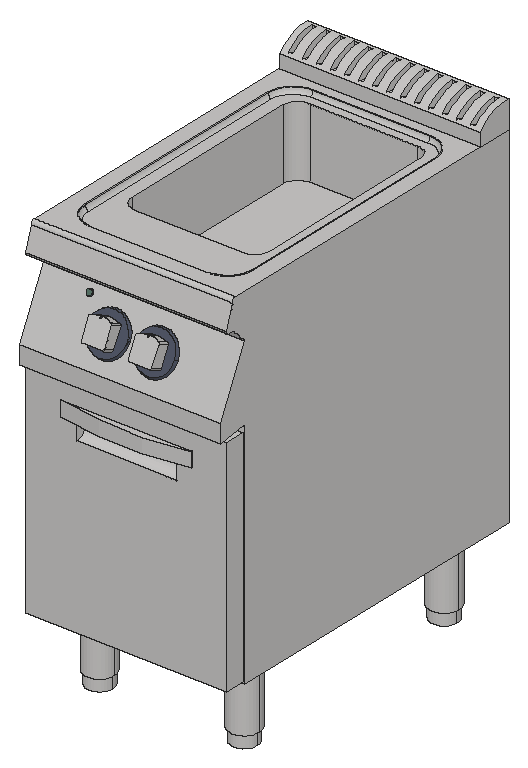
Revit family "QF_ZANUSSI_372098_Z7PCED1KF0", category Specialty Equipment, Revit 2018
Family settings
  Round Connector Dimension = Use Diameter
  Part Type = Normal
  Work Plane-Based = No
  Always vertical = Yes
  Cut with Voids When Loaded = No
  Shared = No
  Room Calculation Point = No
Parameters
  Width = 400 mm  # constant formula
  Weight in Pounds = 110  # constant formula
  Weight = 0.00 kg
  Watts = 6000 W  # constant formula
  Waste Water Discharge Temperature [instance] = -459.67 °F
  Volts = 400 V  # constant formula
  URL Manufacturer = "http://www.zanussiprofessional.com"
  URL Cutsheet = "www.electrolux.com/foodservice"
  URL = "http://www.zanussiprofessional.com"
  Type Mark [instance] = ""
  Steam Supply Size = 0"
  Steam Supply Minimum Pressure = 0.00 psi
  Steam Supply Maximum Pressure = 0.00 psi
  Steam Pounds per Hour = 0
  Status [instance] = ""
  Specification by User [instance] = ""
  Specification by Manufacturer = ""
  Show Logo [instance] = yes
  Show Clearance [instance] = yes
  Serial Number = ""
  Seismic Rating = ""
  SMACNA No = ""
  Revision Code [instance] = ""
  Refrigeration Suction Line Size = 0"
  Refrigeration Liquid Line Size = 0"
  Refrigerant Compressor Remote = yes
  Plumbing Remarks [instance] = ""
  Plumbing Connection Type [instance] = ""
  Phase = 3  # constant formula
  Omniclass Number and Title = ""
  Number of Poles [instance] = 1
  NAFEM Spec ID Number = ""
  Model = "Z7PCED1KF0"
  Min Ckt Ampacity = 0 A
  Max Overcurrent Protection = 0 A
  Masterspec = ""
  Manufacturer = "Zanussi"
  Length Actual = 400 mm  # constant formula
  Item Number [instance] = "372098"
  Installed By [instance] = ""
  Indirect Waste Size = 1"  # constant formula
  Indirect Waste Flow [instance] = 0 GPM
  Indirect Waste Connection Type [instance] = ""
  Indirect Waste Connection Height = 0 mm
  Identify Quantity as Lot [instance] = yes
  Hot Water Size = 0"
  Height Actual = 850 mm  # constant formula
  Height = 333 mm  # constant formula
  HP = "8 HP"
  Gas Size = 0"
  Gas KW = 0
  Gas Input = 0.0 Btu/h
  Furnished By [instance] = ""
  Foodservice Equipment Identifier [instance] = yes
  FL Amps = if(Phase = 3, Watts / (Volts * 1.73), Watts / Volts)  # 8.67052 A
  Electrical Remarks [instance] = "400 V/3N ph/50/60 Hz"  # constant formula
  Electric Connection Type [instance] = ""
  Elec Conn RI Height [instance] = 0 mm
  Elec Conn Connection Height [instance] = 0 mm
  Direct Waste Size = 1"
  Description = "1-WELL EL. PASTA COOKER 24,5 LT 400 MM"
  Depth Actual = 700 mm  # constant formula
  Depth = 715 mm  # constant formula
  Cycle = if([60 Hertz Option], 60 Hz, 50 Hz)  # 60 Hz
  Conn Plug = ""
  Conn Conduit = yes
  Condensate Return Size = 0"
  Compressed Air Volume = 0 GPM
  Compressed Air Size = 0"
  Compressed Air Pressure = 0.00 psi
  Cold Water Temperature Recommended [instance] = -459.67 °F
  Cold Water Size = 1/2"  # constant formula
  Cold Water RI Height [instance] = 0 mm
  Cold Water Minimum Pressure [instance] = 0.00 psi
  Cold Water Maximum Pressure [instance] = 0.00 psi
  Cold Water Flow [instance] = 0 GPM
  Cold Water Consumption [instance] = ""
  Cold Water Connection Height = 0 mm
  CSI MasterFormat = ""
  CSI Master Format = ""
  Base Height [instance] = 150 mm  # constant formula
  Apparent Power = if(Phase = 3, Volts * FL Amps * 1.73, Volts * FL Amps)  # 6000 VA
  Accessory = yes
  60 Hertz Option = not([50 Hertz Option])  # yes
  50 Hertz Option = no
Reference planes
  plane 1 "BACK": y = 0
  plane 2: z = 0
  plane 3 "LEFT": x = 0
  plane 4 "RIGHT": x = 400
  plane 5 "FRONT": y = -715
  plane 6 "TOP": z = 905.238
  plane 7 "Center Y": x = 200
  plane 8 "Center X": y = -357.5
  plane 9 "BASE": z = 600
  plane 10 "TOP A": z = 850
  plane 11: y = -587.387
  plane 12: y = -90
  plane 13: z = 150
Forms (mm)
  Extrusion 1, solid, material "QF_Finishes_Stainless Steel"
    sketch origin (0, 0, 0) x (0, 1, 0) y (0, 0, 1)
      loop
        line (0, 850) -> (-679.358, 850)
        arc (-679.358, 850) -> (-684.643, 847.811) -> (-686.833, 842.526) r 7.474
        line (-686.833, 842.526) -> (-699.884, 797.011)
        arc (-699.884, 797.011) -> (-699.396, 794.379) -> (-697, 793.184) r 3
        line (-697, 793.184) -> (-686.802, 793.184) -> (-654.982, 761.364) -> (-715, 639.508) -> (-715, 604.508) -> (-658.645, 612.428)
        arc (-658.645, 612.428) -> (-656.101, 611.674) -> (-655, 609.259) r 3.2
        line (-655, 609.259) -> (-655, 150) -> (0, 150) -> (0, 850)
      loop
        line (-700, 599) -> (-700, 155) -> (-660, 155) -> (-660, 599) -> (-700, 599)
    from 0 to 400
  Extrusion 2, void
    sketch origin (0, 0, 850) x (-1, 0, 0) y (0, -1, 0)
      loop
        arc (-83.338, 90.124) -> (-47.982, 104.769) -> (-33.338, 140.124) r 50
        line (-33.338, 140.124) -> (-33.338, 595.265)
        arc (-33.338, 595.265) -> (-47.982, 630.62) -> (-83.338, 645.265) r 50
        line (-83.338, 645.265) -> (-316.662, 645.265)
        arc (-316.662, 645.265) -> (-352.018, 630.62) -> (-366.662, 595.265) r 50
        line (-366.662, 595.265) -> (-366.662, 140.124)
        arc (-366.662, 140.124) -> (-352.018, 104.769) -> (-316.662, 90.124) r 50
        line (-316.662, 90.124) -> (-83.338, 90.124)
    from 0 to -152.4
  Extrusion 3, solid, material "QF_Finishes_Clearance", visible <- "Show Clearance", detail levels coarse
    sketch origin (0, 0, 0) x (1, 0, 0) y (0, 1, 0)
      loop
        line (0, -715) -> (0, 0) -> (400, 0) -> (400, -715) -> (550.019, -715) -> (550.019, 150.019) -> (-150.019, 150.019) -> (-150.019, -715) -> (0, -715)
    from 0 to 905.237
  Revolve 4, solid, material "QF_Finishes_Stainless Steel"
    sketch origin (0, -587.387, 608.09) x (0, 0, 1) y (-1, 0, 0)
      loop
        line (-608.09, -56) -> (-458.09, -56) -> (-458.09, -26) -> (-583.09, -26) -> (-583.09, -29.75) -> (-608.09, -29.75) -> (-608.09, -56)
      axis (-608.09, -56) -> (-458.09, -56)
    angle from 0 to 360
  Revolve 5, solid, material "QF_Finishes_Stainless Steel"
    sketch origin (400.05, -587.387, 608.09) x (0, 0, 1) y (-1, 0, 0)
      loop
        line (-608.09, 56.05) -> (-608.09, 29.8) -> (-583.09, 29.8) -> (-583.09, 26.05) -> (-458.09, 26.05) -> (-458.09, 56.05) -> (-608.09, 56.05)
      axis (-608.09, 56.05) -> (-458.09, 56.05)
    angle from 0 to 360
  Revolve 6, solid, material "QF_Finishes_Stainless Steel"
    sketch origin (0, -90, 608.09) x (0, 0, 1) y (-1, 0, 0)
      loop
        line (-608.09, -56) -> (-458.09, -56) -> (-458.09, -26) -> (-583.09, -26) -> (-583.09, -29.75) -> (-608.09, -29.75) -> (-608.09, -56)
      axis (-608.09, -56) -> (-458.09, -56)
    angle from 0 to 360
  Revolve 7, solid, material "QF_Finishes_Stainless Steel"
    sketch origin (400.05, -90, 608.09) x (0, 0, 1) y (-1, 0, 0)
      loop
        line (-608.09, 56.05) -> (-608.09, 29.8) -> (-583.09, 29.8) -> (-583.09, 26.05) -> (-458.09, 26.05) -> (-458.09, 56.05) -> (-608.09, 56.05)
      axis (-608.09, 56.05) -> (-458.09, 56.05)
    angle from 0 to 360
  Extrusion 8, solid, material "QF_Finishes_Stainless Steel"
    sketch origin (-77.88, -4572, 150) x (-1, 0, 0) y (0, -1, 0)
      loop
        circle (-309.88, -4202) r 12.7
      loop
        circle (-309.855, -3991) r 12.7
    from 0 to -12.7
  Extrusion 9, solid, material "QF_Finishes_Stainless Steel"
    sketch origin (-77.88, -4572, 850) x (-1, 0, 0) y (0, -1, 0)
      loop
        line (-111.217, -4431.876) -> (-111.217, -3976.735)
        arc (-111.217, -3976.735) -> (-125.862, -3941.38) -> (-161.217, -3926.735) r 50
        line (-161.217, -3926.735) -> (-394.542, -3926.735)
        arc (-394.542, -3926.735) -> (-429.897, -3941.38) -> (-444.542, -3976.735) r 50
        line (-444.542, -3976.735) -> (-444.542, -4431.876)
        arc (-444.542, -4431.876) -> (-429.897, -4467.231) -> (-394.542, -4481.876) r 50
        line (-394.542, -4481.876) -> (-161.217, -4481.876)
        arc (-161.217, -4481.876) -> (-125.862, -4467.231) -> (-111.217, -4431.876) r 50
      loop
        arc (-414.542, -4431.876) -> (-405.755, -4453.089) -> (-384.542, -4461.876) r 30
        line (-384.542, -4461.876) -> (-171.217, -4461.876)
        arc (-171.217, -4461.876) -> (-150.004, -4453.089) -> (-141.217, -4431.876) r 30
        line (-141.217, -4431.876) -> (-141.217, -4056.735)
        arc (-141.217, -4056.735) -> (-150.004, -4035.522) -> (-171.217, -4026.735) r 30
        line (-171.217, -4026.735) -> (-384.542, -4026.735)
        arc (-384.542, -4026.735) -> (-405.755, -4035.522) -> (-414.542, -4056.735) r 30
        line (-414.542, -4056.735) -> (-414.542, -4431.876)
    from -12.7 to -152.4
  Sweep 10, solid, material "QF_Finishes_Stainless Steel"
    path origin (0, 0, 850) x (-1, 0, 0) y (0, -1, 0)
      loop
        line (-33.338, 140.124) -> (-33.338, 595.265)
        arc (-33.338, 595.265) -> (-47.982, 630.62) -> (-83.338, 645.265) r 50
        line (-83.338, 645.265) -> (-316.662, 645.265)
        arc (-316.662, 645.265) -> (-352.018, 630.62) -> (-366.662, 595.265) r 50
        line (-366.662, 595.265) -> (-366.662, 140.124)
        arc (-366.662, 140.124) -> (-352.018, 104.769) -> (-316.662, 90.124) r 50
        line (-316.662, 90.124) -> (-83.338, 90.124)
        arc (-83.338, 90.124) -> (-47.982, 104.769) -> (-33.338, 140.124) r 50
    profile origin (33.338, -367.694, 850) x (1, 0, 0) y (0, 0, 1)
      loop
        line (0, 0) -> (0, -10.84) -> (5.055, -10.84)
        arc (5.055, -10.84) -> (1.326, -5.98) -> (0, 0) r 14.151
  Extrusion 11, solid, material "QF_Finishes_Stainless Steel"
    sketch origin (0, 0, 0.762) x (0, 1, 0) y (0, 0, 1)
      loop
        line (0, 849.238) -> (0, 904.238)
        arc (0, 904.238) -> (-38.078, 896.879) -> (-69.85, 874.638) r 93.057
        line (-69.85, 874.638) -> (-69.85, 849.238) -> (0, 849.238)
    from 0 to 400.05
  Extrusion 12, void
    sketch origin (0, 0, 851) x (-1, 0, 0) y (0, -1, 0)
      loop
        line (-13.453, 6.761) -> (-13.453, 63.911) -> (-22.749, 63.911) -> (-22.749, 6.761) -> (-13.453, 6.761)
    from 25.4 to 63.5
  Extrusion 13, void
    sketch origin (400.05, 0, 851) x (1, 0, 0) y (0, 1, 0)
      loop
        line (-13.503, -6.761) -> (-22.799, -6.761) -> (-22.799, -63.911) -> (-13.503, -63.911) -> (-13.503, -6.761)
    from 25.4 to 63.5
  Extrusion 14, void
    sketch origin (27.988, 0, 851) x (-1, 0, 0) y (0, -1, 0)
      loop
        line (-13.453, 6.761) -> (-13.453, 63.911) -> (-22.749, 63.911) -> (-22.749, 6.761) -> (-13.453, 6.761)
    from 25.4 to 63.5
  Extrusion 15, void
    sketch origin (55.977, 0, 851) x (-1, 0, 0) y (0, -1, 0)
      loop
        line (-13.453, 6.761) -> (-13.453, 63.911) -> (-22.749, 63.911) -> (-22.749, 6.761) -> (-13.453, 6.761)
    from 25.4 to 63.5
  Extrusion 16, void
    sketch origin (83.965, 0, 851) x (-1, 0, 0) y (0, -1, 0)
      loop
        line (-13.428, 6.761) -> (-13.428, 63.911) -> (-22.724, 63.911) -> (-22.724, 6.761) -> (-13.428, 6.761)
    from 25.4 to 63.5
  Extrusion 17, void
    sketch origin (111.953, 0, 851) x (-1, 0, 0) y (0, -1, 0)
      loop
        line (-13.428, 6.761) -> (-13.428, 63.911) -> (-22.724, 63.911) -> (-22.724, 6.761) -> (-13.428, 6.761)
    from 25.4 to 63.5
  Extrusion 18, void
    sketch origin (139.942, 0, 851) x (-1, 0, 0) y (0, -1, 0)
      loop
        line (-13.428, 6.761) -> (-13.428, 63.911) -> (-22.724, 63.911) -> (-22.724, 6.761) -> (-13.428, 6.761)
    from 25.4 to 63.5
  Extrusion 19, void
    sketch origin (167.93, 0, 851) x (-1, 0, 0) y (0, -1, 0)
      loop
        line (-13.428, 6.761) -> (-13.428, 63.911) -> (-22.724, 63.911) -> (-22.724, 6.761) -> (-13.428, 6.761)
    from 25.4 to 63.5
  Extrusion 20, void
    sketch origin (195.918, 0, 851) x (-1, 0, 0) y (0, -1, 0)
      loop
        line (-13.428, 6.761) -> (-13.428, 63.911) -> (-22.724, 63.911) -> (-22.724, 6.761) -> (-13.428, 6.761)
    from 25.4 to 63.5
  Extrusion 21, void
    sketch origin (223.907, 0, 851) x (-1, 0, 0) y (0, -1, 0)
      loop
        line (-13.428, 6.761) -> (-13.428, 63.911) -> (-22.724, 63.911) -> (-22.724, 6.761) -> (-13.428, 6.761)
    from 25.4 to 63.5
  Extrusion 22, void
    sketch origin (251.895, 0, 851) x (-1, 0, 0) y (0, -1, 0)
      loop
        line (-13.428, 6.761) -> (-13.428, 63.911) -> (-22.724, 63.911) -> (-22.724, 6.761) -> (-13.428, 6.761)
    from 25.4 to 63.5
  Extrusion 23, void
    sketch origin (279.884, 0, 851) x (-1, 0, 0) y (0, -1, 0)
      loop
        line (-13.403, 6.761) -> (-13.403, 63.911) -> (-22.699, 63.911) -> (-22.699, 6.761) -> (-13.403, 6.761)
    from 25.4 to 63.5
  Extrusion 24, void
    sketch origin (307.872, 0, 851) x (-1, 0, 0) y (0, -1, 0)
      loop
        line (-13.403, 6.761) -> (-13.403, 63.911) -> (-22.699, 63.911) -> (-22.699, 6.761) -> (-13.403, 6.761)
    from 25.4 to 63.5
  Extrusion 25, void
    sketch origin (335.86, 0, 851) x (-1, 0, 0) y (0, -1, 0)
      loop
        line (-13.403, 6.761) -> (-13.403, 63.911) -> (-22.699, 63.911) -> (-22.699, 6.761) -> (-13.403, 6.761)
    from 25.4 to 63.5
  Extrusion 26, solid, material "QF_Finishes_Stainless Steel"
    sketch origin (-77.88, -4572, 150) x (-1, 0, 0) y (0, -1, 0)
      loop
        circle (-412.88, -4071) r 6.35
    from 50 to 48.4
  Extrusion 27, solid, material "QF_Plastic-Black-Matte"
    sketch origin (190, -684.991, 700.436) x (0, 0.441846, 0.897091) y (0, 0.897091, -0.441846)
      loop
        line (26.984, -34) -> (23.984, -34) -> (23.984, -35) -> (26.984, -35)
        arc (26.984, -35) -> (27.691, -34.707) -> (27.984, -34) r 1
        line (27.984, -34) -> (27.984, -19) -> (26.984, -19) -> (26.984, -34)
    from -58.5 to -56.5
  Extrusion 28, solid, material "QF_Finishes_Stainless Steel"
    sketch origin (247.5, -684.991, 700.436) x (-1, 0, 0) y (0, -0.441846, -0.897091)
      loop
        line (17.5, -17.5) -> (17.5, 17.5) -> (-17.5, 17.5) -> (-17.5, -17.5) -> (17.5, -17.5)
    from 5 to 10
  Extrusion 29, solid, material "QF_Finishes_Stainless Steel"
    sketch origin (247.5, -684.991, 700.436) x (-1, 0, 0) y (0, -0.441846, -0.897091)
      loop
        arc (-21.147, -22.789) -> (0, -26.984) -> (21.147, -22.789) r 55.4
        arc (21.147, -22.789) -> (22.494, -21.685) -> (23, -20.019) r 2.997
        line (23, -20.019) -> (23, 20.019)
        arc (23, 20.019) -> (22.122, 22.138) -> (20.003, 23.016) r 2.997
        line (20.003, 23.016) -> (-20.003, 23.016)
        arc (-20.003, 23.016) -> (-22.122, 22.138) -> (-23, 20.019) r 2.997
        line (-23, 20.019) -> (-23, -20.019)
        arc (-23, -20.019) -> (-22.494, -21.685) -> (-21.147, -22.789) r 2.997
    from 10 to 34
  Blend 30, solid, material "QF_Finishes_Navy Blue"
    base sketch origin (247.5, -684.991, 700.436) x (1, 0, 0) y (0, 0.441846, 0.897091)
      loop
        circle (0, 0) r 42.5
    top sketch origin (247.5, -684.991, 700.436) x (1, 0, 0) y (0, 0.441846, 0.897091)
      loop
        circle (0, 0) r 40.5
    from 0 to 5
  Extrusion 31, solid, material "QF_Finishes_Stainless Steel"
    sketch origin (152.5, -684.991, 700.436) x (1, 0, 0) y (0, 0.441846, 0.897091)
      loop
        arc (-21.147, 22.789) -> (-22.494, 21.685) -> (-23, 20.019) r 2.997
        line (-23, 20.019) -> (-23, -20.019)
        arc (-23, -20.019) -> (-22.122, -22.138) -> (-20.003, -23.016) r 2.997
        line (-20.003, -23.016) -> (20.003, -23.016)
        arc (20.003, -23.016) -> (22.122, -22.138) -> (23, -20.019) r 2.997
        line (23, -20.019) -> (23, 20.019)
        arc (23, 20.019) -> (22.494, 21.685) -> (21.147, 22.789) r 2.997
        arc (21.147, 22.789) -> (0, 26.984) -> (-21.147, 22.789) r 55.4
    from 10 to 34
  Extrusion 32, solid, material "QF_Plastic-Black-Matte"
    sketch origin (232.5, -684.991, 700.436) x (0, 0.441846, 0.897091) y (0, -0.897091, 0.441846)
      loop
        line (26.984, 34) -> (26.984, 19) -> (27.984, 19) -> (27.984, 34)
        arc (27.984, 34) -> (27.691, 34.707) -> (26.984, 35) r 1
        line (26.984, 35) -> (23.984, 35) -> (23.984, 34) -> (26.984, 34)
    from -81 to -79
  Extrusion 33, solid, material "QF_Finishes_DarkGreen"
    sketch origin (152.5, -662.899, 745.291) x (1, 0, 0) y (0, 0.441846, 0.897091)
      loop
        circle (-55.001, 0) r 6
    from 0 to 1.6
  Extrusion 34, solid, material "QF_Finishes_Stainless Steel"
    sketch origin (152.5, -684.991, 700.436) x (1, 0, 0) y (0, 0.441846, 0.897091)
      loop
        line (17.5, 17.5) -> (-17.5, 17.5) -> (-17.5, -17.5) -> (17.5, -17.5) -> (17.5, 17.5)
    from 5 to 10
  Blend 35, solid, material "QF_Finishes_Navy Blue"
    base sketch origin (152.5, -684.991, 700.436) x (1, 0, 0) y (0, 0.441846, 0.897091)
      loop
        circle (0, 0) r 42.5
    top sketch origin (152.5, -684.991, 700.436) x (1, 0, 0) y (0, 0.441846, 0.897091)
      loop
        circle (0, 0) r 40.5
    from 0 to 5
  Extrusion 36, solid, material "QF_Finishes_Stainless Steel"
    sketch origin (-77.88, -4572, 130) x (-1, 0, 0) y (0, -1, 0)
      loop
        arc (-147.606, -3871.085) -> (-277.88, -3857) -> (-408.153, -3871.085) r 609.497
        line (-408.153, -3871.085) -> (-408.153, -3872) -> (-147.606, -3872) -> (-147.606, -3871.085)
    from 400 to 430
  Extrusion 37, void
    sketch origin (200, -27.863, -20) x (0, 1, 0) y (0, 0, 1)
      loop
        line (-672.137, 567) -> (-672.137, 517)
        arc (-672.137, 517) -> (-656.47, 524.721) -> (-650.137, 541) r 24.091
        line (-650.137, 541) -> (-650.137, 567) -> (-672.137, 567)
    from -100 to 100
  Extrusion 38, solid, material "QF_Finishes_Door Clearance", visible <- "Show Clearance", detail levels coarse
    sketch origin (400, 0, 850) x (1, 0, 0) y (0, 1, 0)
      loop
        line (0, -672.137) -> (-400, -672.137) -> (-400, -1072.137)
        arc (-400, -1072.137) -> (-117.157, -954.98) -> (0, -672.137) r 400
    from -695 to -250
Cuts and joins
  Extrusion 2, Extrusion 37 cuts Extrusion 1
  Extrusion 12, Extrusion 13, Extrusion 14, Extrusion 15, Extrusion 16, Extrusion 17, Extrusion 18, Extrusion 19, Extrusion 20, Extrusion 21, Extrusion 22, Extrusion 23, Extrusion 24, Extrusion 25 cuts Extrusion 3
  Extrusion 12, Extrusion 13, Extrusion 14, Extrusion 15, Extrusion 16, Extrusion 17, Extrusion 18, Extrusion 19, Extrusion 20, Extrusion 21, Extrusion 22, Extrusion 23, Extrusion 24, Extrusion 25 cuts Extrusion 11
Lines and regions (mm)
  Split face 1
    outline origin (247.5, -689.476, 702.645) x (1, 0, 0) y (0, 0.441846, 0.897091)
      loop
        arc (-0.521, 36.501) -> (-26.491, 26.394) -> (-37.708, 0.884) r 36.411
        line (-37.708, 0.884) -> (-31.708, 0.884)
        arc (-31.708, 0.884) -> (-21.998, 23.844) -> (-0.521, 36.501) r 39.733
  Split face 2
    outline origin (152.5, -689.476, 702.645) x (0, -0.441846, -0.897091) y (1, 0, 0)
      loop
        circle (-34, 0) r 1.5
  Split face 3
    outline origin (152.5, -689.476, 702.645) x (1, 0, 0) y (0, 0.441846, 0.897091)
      loop
        circle (-32.336, 10.507) r 1.5
  Split face 4
    outline origin (152.5, -689.476, 702.645) x (1, 0, 0) y (0, 0.441846, 0.897091)
      loop
        circle (-19.985, -27.507) r 1.5
  Split face 5
    outline origin (152.5, -689.476, 702.645) x (1, 0, 0) y (0, 0.441846, 0.897091)
      loop
        circle (19.985, -27.507) r 1.5
  Split face 6
    outline origin (152.5, -689.476, 702.645) x (1, 0, 0) y (0, 0.441846, 0.897091)
      loop
        circle (32.336, 10.507) r 1.5
  symbolic lines, style "QF-Clearances", visible <- "Show Clearance", detail levels coarse
    curve 1: line (-150.019, 150.019, 850) -> (-150.019, -716.377, 850)
    curve 2: line (550.019, 150.019, 850) -> (-150.019, 150.019, 850)
    curve 3: line (550.019, -716.377, 850) -> (550.019, 150.019, 850)
  symbolic lines
    curve 4: line (0, 0, 850) -> (400, 0, 850)
    curve 5: line (0, -715, 850) -> (0, 0, 850)
    curve 6: line (400, 0, 850) -> (400, -715, 850)
    curve 7: line (0, -69.85, 850) -> (0, -63.012, 850)
    curve 8: line (93.313, -110.124, 850) -> (306.663, -110.124, 850)
    curve 9: arc (306.663, -110.124, 850) -> (327.876, -118.911, 850) -> (336.663, -140.124, 850) r 30
    curve 10: line (336.663, -140.124, 850) -> (336.663, -515.265, 850)
    curve 11: arc (336.663, -515.265, 850) -> (327.876, -536.478, 850) -> (306.663, -545.265, 850) r 30
    curve 12: arc (93.338, -545.265, 850) -> (72.124, -536.478, 850) -> (63.338, -515.265, 850) r 30
    curve 13: line (63.338, -515.265, 850) -> (63.338, -140.099, 850)
    curve 14: arc (63.338, -140.099, 850) -> (72.117, -118.904, 850) -> (93.313, -110.124, 850) r 29.975
    curve 15: arc (83.313, -95.179, 850) -> (51.549, -108.336, 850) -> (38.392, -140.099, 850) r 44.92
    curve 16: line (38.392, -140.099, 850) -> (38.392, -595.265, 850)
    curve 17: arc (38.392, -595.265, 850) -> (51.556, -627.046, 850) -> (83.338, -640.21, 850) r 44.945
    curve 18: arc (316.663, -640.21, 850) -> (348.444, -627.046, 850) -> (361.608, -595.265, 850) r 44.945
    curve 19: line (361.608, -595.265, 850) -> (361.608, -140.124, 850)
    curve 20: arc (361.608, -140.124, 850) -> (348.444, -108.343, 850) -> (316.663, -95.179, 850) r 44.945
    curve 21: arc (83.313, -90.124, 850) -> (47.975, -104.761, 850) -> (33.338, -140.099, 850) r 49.975
    curve 22: line (33.338, -140.099, 850) -> (33.338, -595.265, 850)
    curve 23: arc (33.338, -595.265, 850) -> (47.982, -630.62, 850) -> (83.338, -645.265, 850) r 50
    curve 24: arc (316.663, -645.265, 850) -> (352.018, -630.62, 850) -> (366.663, -595.265, 850) r 50
    curve 25: line (366.663, -595.265, 850) -> (366.663, -140.124, 850)
    curve 26: arc (366.663, -140.124, 850) -> (352.018, -104.769, 850) -> (316.663, -90.124, 850) r 50
    curve 27: line (316.663, -90.124, 850) -> (79.418, -90.124, 850)
    curve 28: line (83.338, -645.265, 850) -> (316.663, -645.265, 850)
    curve 29: line (83.338, -640.21, 850) -> (316.663, -640.21, 850)
    curve 30: line (306.663, -545.265, 850) -> (93.338, -545.265, 850)
    curve 31: line (316.663, -95.179, 850) -> (83.313, -95.179, 850)
    curve 32: line (0, -69.85, 850) -> (400, -69.85, 850)
    curve 33: line (22.724, -6.761, 850) -> (22.724, -63.911, 850)
    curve 34: line (22.724, -63.911, 850) -> (13.428, -63.911, 850)
    curve 35: line (13.428, -63.911, 850) -> (13.428, -6.761, 850)
    curve 36: line (13.428, -6.761, 850) -> (22.724, -6.761, 850)
    curve 37: line (386.547, -6.761, 850) -> (386.547, -63.911, 850)
    curve 38: line (386.547, -63.911, 850) -> (377.251, -63.911, 850)
    curve 39: line (377.251, -63.911, 850) -> (377.251, -6.761, 850)
    curve 40: line (377.251, -6.761, 850) -> (386.547, -6.761, 850)
    curve 41: line (50.712, -6.761, 850) -> (50.712, -63.911, 850)
    curve 42: line (50.712, -63.911, 850) -> (41.416, -63.911, 850)
    curve 43: line (41.416, -63.911, 850) -> (41.416, -6.761, 850)
    curve 44: line (41.416, -6.761, 850) -> (50.712, -6.761, 850)
    curve 45: line (78.7, -6.761, 850) -> (78.7, -63.911, 850)
    curve 46: line (78.7, -63.911, 850) -> (69.405, -63.911, 850)
    curve 47: line (69.405, -63.911, 850) -> (69.405, -6.761, 850)
    curve 48: line (69.405, -6.761, 850) -> (78.7, -6.761, 850)
    curve 49: line (106.689, -6.761, 850) -> (106.689, -63.911, 850)
    curve 50: line (106.689, -63.911, 850) -> (97.393, -63.911, 850)
    curve 51: line (97.393, -63.911, 850) -> (97.393, -6.761, 850)
    curve 52: line (97.393, -6.761, 850) -> (106.689, -6.761, 850)
    curve 53: line (134.677, -6.761, 850) -> (134.677, -63.911, 850)
    curve 54: line (134.677, -63.911, 850) -> (125.381, -63.911, 850)
    curve 55: line (125.381, -63.911, 850) -> (125.381, -6.761, 850)
    curve 56: line (125.381, -6.761, 850) -> (134.677, -6.761, 850)
    curve 57: line (162.665, -6.761, 850) -> (162.665, -63.911, 850)
    curve 58: line (162.665, -63.911, 850) -> (153.37, -63.911, 850)
    curve 59: line (153.37, -63.911, 850) -> (153.37, -6.761, 850)
    curve 60: line (153.37, -6.761, 850) -> (162.665, -6.761, 850)
    curve 61: line (190.654, -6.761, 850) -> (190.654, -63.911, 850)
    curve 62: line (190.654, -63.911, 850) -> (181.358, -63.911, 850)
    curve 63: line (181.358, -63.911, 850) -> (181.358, -6.761, 850)
    curve 64: line (181.358, -6.761, 850) -> (190.654, -6.761, 850)
    curve 65: line (218.642, -6.761, 850) -> (218.642, -63.911, 850)
    curve 66: line (218.642, -63.911, 850) -> (209.346, -63.911, 850)
    curve 67: line (209.346, -63.911, 850) -> (209.346, -6.761, 850)
    curve 68: line (209.346, -6.761, 850) -> (218.642, -6.761, 850)
    curve 69: line (246.605, -6.761, 850) -> (246.605, -63.911, 850)
    curve 70: line (246.605, -63.911, 850) -> (237.31, -63.911, 850)
    curve 71: line (237.31, -63.911, 850) -> (237.31, -6.761, 850)
    curve 72: line (237.31, -6.761, 850) -> (246.605, -6.761, 850)
    curve 73: line (274.594, -6.761, 850) -> (274.594, -63.911, 850)
    curve 74: line (274.594, -63.911, 850) -> (265.298, -63.911, 850)
    curve 75: line (265.298, -63.911, 850) -> (265.298, -6.761, 850)
    curve 76: line (265.298, -6.761, 850) -> (274.594, -6.761, 850)
    curve 77: line (302.582, -6.761, 850) -> (302.582, -63.911, 850)
    curve 78: line (302.582, -63.911, 850) -> (293.286, -63.911, 850)
    curve 79: line (293.286, -63.911, 850) -> (293.286, -6.761, 850)
    curve 80: line (293.286, -6.761, 850) -> (302.582, -6.761, 850)
    curve 81: line (330.57, -6.761, 850) -> (330.57, -63.911, 850)
    curve 82: line (330.57, -63.911, 850) -> (321.275, -63.911, 850)
    curve 83: line (321.275, -63.911, 850) -> (321.275, -6.761, 850)
    curve 84: line (321.275, -6.761, 850) -> (330.57, -6.761, 850)
    curve 85: line (358.559, -6.761, 850) -> (358.559, -63.911, 850)
    curve 86: line (358.559, -63.911, 850) -> (349.263, -63.911, 850)
    curve 87: line (349.263, -63.911, 850) -> (349.263, -6.761, 850)
    curve 88: line (349.263, -6.761, 850) -> (358.559, -6.761, 850)
    curve 89: line (0, -699.982, 0) -> (400.05, -699.982, 0)
    curve 90: line (129.5, -699.982, 0) -> (129.5, -724.328, 0)
    curve 91: arc (129.5, -724.328, 0) -> (129.646, -724.792, 0) -> (130.032, -725.088, 0) r 0.809
    curve 92: arc (130.032, -725.088, 0) -> (131.22, -725.569, 0) -> (132.497, -725.662, 0) r 4.127
    curve 93: arc (129.5, -704.274, 0) -> (124.459, -702.44, 0) -> (119.691, -699.982, 0) r 42.24
    curve 94: arc (129.5, -706.521, 0) -> (130.002, -705.799, 0) -> (130.799, -705.43, 0) r 1.682
    curve 95: arc (130.799, -705.43, 0) -> (141.102, -703.932, 0) -> (151.5, -703.423, 0) r 109.079
    curve 96: line (151.5, -699.982, 0) -> (151.5, -705.653, 0)
    curve 97: line (151.5, -705.653, 0) -> (153.5, -705.653, 0)
    curve 98: line (153.5, -705.653, 0) -> (153.5, -699.982, 0)
    curve 99: line (175.5, -699.982, 0) -> (175.5, -724.328, 0)
    curve 100: arc (175.5, -724.328, 0) -> (175.354, -724.792, 0) -> (174.968, -725.088, 0) r 0.809
    curve 101: arc (174.968, -725.088, 0) -> (173.78, -725.569, 0) -> (172.503, -725.662, 0) r 4.127
    curve 102: arc (175.5, -704.274, 0) -> (180.541, -702.44, 0) -> (185.309, -699.982, 0) r 42.24
    curve 103: arc (175.5, -706.521, 0) -> (174.998, -705.799, 0) -> (174.201, -705.43, 0) r 1.682
    curve 104: arc (174.201, -705.43, 0) -> (163.898, -703.932, 0) -> (153.5, -703.423, 0) r 109.079
    curve 105: line (132.497, -725.662, 0) -> (172.503, -725.662, 0)
    curve 106: line (270.5, -699.982, 0) -> (270.5, -724.328, 0)
    curve 107: arc (270.5, -724.328, 0) -> (270.354, -724.792, 0) -> (269.968, -725.088, 0) r 0.809
    curve 108: arc (269.968, -725.088, 0) -> (268.78, -725.569, 0) -> (267.503, -725.662, 0) r 4.127
    curve 109: arc (270.5, -704.274, 0) -> (275.541, -702.44, 0) -> (280.309, -699.982, 0) r 42.24
    curve 110: arc (270.5, -706.521, 0) -> (269.998, -705.799, 0) -> (269.201, -705.43, 0) r 1.682
    curve 111: arc (269.201, -705.43, 0) -> (258.898, -703.932, 0) -> (248.5, -703.423, 0) r 109.079
    curve 112: line (248.5, -699.982, 0) -> (248.5, -705.653, 0)
    curve 113: line (248.5, -705.653, 0) -> (246.5, -705.653, 0)
    curve 114: line (246.5, -705.653, 0) -> (246.5, -699.982, 0)
    curve 115: line (224.5, -699.982, 0) -> (224.5, -724.328, 0)
    curve 116: arc (224.5, -724.328, 0) -> (224.646, -724.792, 0) -> (225.032, -725.088, 0) r 0.809
    curve 117: arc (225.032, -725.088, 0) -> (226.22, -725.569, 0) -> (227.497, -725.662, 0) r 4.127
    curve 118: arc (224.5, -704.274, 0) -> (219.459, -702.44, 0) -> (214.691, -699.982, 0) r 42.24
    curve 119: arc (224.5, -706.521, 0) -> (225.002, -705.799, 0) -> (225.799, -705.43, 0) r 1.682
    curve 120: arc (225.799, -705.43, 0) -> (236.102, -703.932, 0) -> (246.5, -703.423, 0) r 109.079
    curve 121: line (267.503, -725.662, 0) -> (227.497, -725.662, 0)
    curve 122: line (175.5, -714.982, 0) -> (224.5, -714.982, 0)
    curve 123: line (270.5, -714.982, 0) -> (400.05, -714.982, 0)
    curve 124: line (0, -714.982, 0) -> (129.5, -714.982, 0)
  symbolic lines, style "QF-Door Swings"
    curve 125: arc (397.697, -715, 850) -> (380.257, -796.254, 850) -> (346.403, -872.15, 850) r 400
    curve 126: line (346.403, -872.15, 850) -> (74.24, -715, 850)
Dimensions and locks
  equal spacing: plane 3 "LEFT", plane 7 "Center Y", plane 4 "RIGHT"
  "Width": plane 3 "LEFT" to plane 4 "RIGHT"
  equal spacing: plane 5 "FRONT", plane 8 "Center X", plane 1 "BACK"
  "Depth": plane 5 "FRONT" to plane 1 "BACK"
  plane 1 "BACK" to plane 5 "FRONT" = 715 mm
  locked: plane 10 "TOP A" to plane 9 "BASE" at 250
  "Base Height": plane 13 to level
  plane 10 "TOP A" to plane 13 = 700 mm
  Extrusion 8 sketch curve to plane 1 "BACK" = 370 mm
  plane 3 "LEFT" to Extrusion 8 sketch curve = 232 mm
  Extrusion 8 sketch curve to plane 1 "BACK" = 581 mm
  aligned and locked: level to plane 2
  aligned and locked: plane 4 "RIGHT" to Extrusion 1
  aligned and locked: plane 6 "TOP" to Extrusion 3
Automatic sketch dimensions
  curve 124 to plane 3 "LEFT" = 0 mm
  curve 89 to plane 3 "LEFT" = 0 mm
  plane 5 "FRONT" to curve 90 = 9.328 mm
  curve 90 to plane 7 "Center Y" = 70.5 mm
  curve 90 to curve 91 = 0.809 mm
  curve 94 to curve 94 = 1.583 mm
  curve 91 to curve 92 = 1.846 mm
  curve 91 to curve 105 = 2.189 mm
  curve 90 to curve 93 = 11.892 mm
  curve 96 to plane 5 "FRONT" = 9.347 mm
  curve 94 to curve 96 = 20.417 mm
  curve 95 to plane 7 "Center Y" = 48.369 mm
  curve 95 to curve 104 = 1.738 mm
  curve 96 to curve 97 = 2 mm
  curve 93 to curve 102 = 22.215 mm
  curve 105 to plane 7 "Center Y" = 27.497 mm
  curve 105 to curve 101 = 0.343 mm
  curve 101 to curve 103 = 1.071 mm
  curve 105 to curve 100 = 2.189 mm
  curve 100 to curve 99 = 0.809 mm
  plane 5 "FRONT" to curve 115 = 9.328 mm
  plane 7 "Center Y" to curve 115 = 24.5 mm
  curve 116 to curve 116 = 0.809 mm
  curve 119 to curve 119 = 1.583 mm
  curve 116 to curve 117 = 1.846 mm
  curve 116 to curve 121 = 2.189 mm
  plane 7 "Center Y" to curve 118 = 36.392 mm
  curve 113 to plane 5 "FRONT" = 9.347 mm
  curve 119 to curve 113 = 20.417 mm
  plane 7 "Center Y" to curve 120 = 46.631 mm
  curve 120 to curve 111 = 1.738 mm
  curve 113 to curve 113 = 2 mm
  curve 118 to curve 109 = 22.215 mm
  curve 112 to curve 121 = 19.003 mm
  curve 108 to curve 108 = 0.343 mm
  curve 108 to curve 110 = 1.071 mm
  curve 108 to curve 107 = 2.189 mm
  curve 107 to curve 106 = 0.809 mm
  curve 121 to curve 116 = 1.333 mm
  curve 105 to curve 91 = 1.333 mm
  curve 120 to curve 117 = 86.839 mm
  curve 120 to curve 111 = 0 mm
  curve 104 to curve 101 = 86.839 mm
  curve 95 to curve 104 = 0 mm
  curve 108 to curve 106 = 1.333 mm
  curve 105 to curve 99 = 1.333 mm
  curve 116 to curve 117 = 2.779 mm
  curve 91 to curve 92 = 2.779 mm
  curve 107 to curve 108 = 2.779 mm
  curve 100 to curve 101 = 2.779 mm
  curve 110 to plane 5 "FRONT" = 7.912 mm
  curve 103 to plane 5 "FRONT" = 7.912 mm
  curve 119 to plane 5 "FRONT" = 7.912 mm
  curve 94 to plane 5 "FRONT" = 7.912 mm
  curve 112 to curve 109 = 41.91 mm
  curve 97 to curve 102 = 41.91 mm
  curve 93 to curve 102 = 0 mm
  curve 118 to curve 109 = 0 mm
  curve 93 to curve 90 = 9.809 mm
  curve 94 to curve 94 = 0.284 mm
  curve 103 to curve 104 = 0.284 mm
  curve 99 to curve 102 = 9.809 mm
  curve 118 to curve 115 = 9.809 mm
  curve 120 to curve 119 = 0.284 mm
  curve 110 to curve 111 = 0.284 mm
  curve 106 to curve 109 = 9.809 mm
  plane 4 "RIGHT" to curve 89 = 0.05 mm
  curve 123 to plane 5 "FRONT" = 0.018 mm
  plane 4 "RIGHT" to curve 123 = 0.05 mm
  curve 124 to plane 5 "FRONT" = 0.018 mm
  curve 122 to plane 5 "FRONT" = 0.018 mm
  curve 103 to curve 103 = 0.567 mm
  curve 119 to curve 119 = 0.567 mm
  curve 94 to curve 94 = 0.567 mm
  curve 110 to curve 110 = 0.567 mm
  curve 104 to curve 102 = 1.156 mm
  Extrusion 1 sketch curve to plane 5 "FRONT" = 0 mm
  Extrusion 1 sketch curve to plane 10 "TOP A" = 0 mm
  Extrusion 1 sketch curve to plane 13 = 0 mm
  Extrusion 1 sketch curve to plane 1 "BACK" = 0 mm
  plane 13 to Extrusion 1 sketch curve = 5 mm
  Extrusion 1 sketch curve to plane 5 "FRONT" = 15 mm
  Extrusion 1 sketch curve to plane 5 "FRONT" = 15.116 mm
  Extrusion 1 sketch curve to Extrusion 1 sketch curve = 2.884 mm
  Extrusion 1 sketch curve to plane 10 "TOP A" = 7.474 mm
  Extrusion 1 sketch curve to plane 5 "FRONT" = 28.167 mm
  Extrusion 1 sketch curve to Extrusion 1 sketch curve = 10.198 mm
  Extrusion 1 sketch curve to Extrusion 1 sketch curve = 40 mm
  plane 9 "BASE" to Extrusion 1 sketch curve = 12.428 mm
  Extrusion 1 sketch curve to Extrusion 1 sketch curve = 1.355 mm
  Extrusion 1 sketch curve to Extrusion 1 sketch curve = 0.445 mm
  Extrusion 1 sketch curve to Extrusion 1 sketch curve = 5 mm
  Extrusion 1 sketch curve to Extrusion 1 sketch curve = 31.82 mm  (x2)
  Extrusion 1 sketch curve to plane 9 "BASE" = 1 mm
  plane 9 "BASE" to Extrusion 1 sketch curve = 4.508 mm
  Extrusion 1 sketch curve to Extrusion 1 sketch curve = 35 mm
  Extrusion 1 sketch curve to Extrusion 1 sketch curve = 81.162 mm
  Extrusion 1 sketch curve to Extrusion 1 sketch curve = 3 mm
  Extrusion 2 sketch curve to plane 4 "RIGHT" = 33.337 mm
  plane 11 to Extrusion 2 sketch curve = 57.877 mm
  Extrusion 2 sketch curve to Extrusion 2 sketch curve = 50 mm  (x2)
  plane 12 to Extrusion 2 sketch curve = 0.124 mm
  plane 3 "LEFT" to Extrusion 2 sketch curve = 83.338 mm  (x2)
  plane 12 to Extrusion 2 sketch curve = 50.124 mm
  plane 5 "FRONT" to Extrusion 3 sketch curve = 0 mm  (x2)
  plane 1 "BACK" to Extrusion 3 sketch curve = 0 mm
  Extrusion 3 sketch curve to plane 3 "LEFT" = 0 mm
  Extrusion 3 sketch curve to plane 4 "RIGHT" = 0 mm
  Extrusion 3 sketch curve to plane 3 "LEFT" = 150.019 mm
  plane 4 "RIGHT" to Extrusion 3 sketch curve = 150.019 mm
  Extrusion 3 sketch curve to plane 1 "BACK" = 150.019 mm
  curve 15 to curve 21 = 0 mm  (x2)
  curve 17 to curve 23 = 0 mm  (x2)
  curve 18 to curve 24 = 0 mm  (x2)
  curve 20 to curve 26 = 0 mm  (x2)
  plane 1 "BACK" to curve 6 = 0 mm
  curve 6 to plane 4 "RIGHT" = 0 mm
  plane 5 "FRONT" to curve 125 = 0 mm
  plane 5 "FRONT" to curve 126 = 0 mm
  curve 32 to plane 3 "LEFT" = 0 mm
  curve 7 to plane 3 "LEFT" = 0 mm
  curve 125 to plane 3 "LEFT" = 0 mm
  plane 5 "FRONT" to curve 6 = 0 mm
  plane 5 "FRONT" to curve 5 = 0 mm
  plane 4 "RIGHT" to curve 3 = 150.019 mm
  curve 38 to plane 4 "RIGHT" = 13.453 mm
  curve 37 to curve 40 = 9.296 mm
  curve 25 to plane 4 "RIGHT" = 33.337 mm
  curve 26 to curve 19 = 5.055 mm
  plane 1 "BACK" to curve 88 = 6.761 mm
  curve 39 to curve 88 = 18.693 mm
  curve 85 to curve 86 = 9.296 mm
  curve 126 to plane 4 "RIGHT" = 53.597 mm
  curve 10 to plane 4 "RIGHT" = 63.337 mm
  plane 1 "BACK" to curve 84 = 6.761 mm
  curve 87 to curve 84 = 18.693 mm
  curve 81 to curve 82 = 9.296 mm
  curve 9 to curve 20 = 20 mm
  curve 18 to curve 29 = 44.945 mm
  curve 11 to curve 11 = 30 mm
  curve 31 to curve 8 = 10 mm
  plane 1 "BACK" to curve 80 = 6.761 mm
  curve 83 to curve 80 = 18.693 mm
  curve 77 to curve 79 = 9.296 mm
  curve 78 to curve 73 = 18.693 mm
  curve 73 to curve 75 = 9.296 mm
  curve 74 to curve 70 = 18.693 mm
  curve 69 to curve 71 = 9.296 mm
  plane 1 "BACK" to curve 65 = 6.761 mm
  plane 7 "Center Y" to curve 65 = 18.642 mm
  curve 65 to curve 68 = 9.296 mm
  curve 61 to plane 7 "Center Y" = 9.346 mm
  curve 61 to curve 64 = 9.296 mm
  curve 62 to curve 57 = 18.693 mm
  curve 57 to curve 58 = 9.296 mm
  plane 1 "BACK" to curve 56 = 6.761 mm
  curve 59 to curve 56 = 18.693 mm
  curve 53 to curve 54 = 9.296 mm
  plane 1 "BACK" to curve 52 = 6.761 mm
  curve 55 to curve 52 = 18.693 mm
  curve 49 to curve 51 = 9.296 mm
  plane 3 "LEFT" to curve 12 = 93.338 mm
  plane 12 to curve 8 = 20.124 mm
  curve 50 to curve 8 = 4.08 mm
  plane 3 "LEFT" to curve 29 = 83.338 mm
  curve 14 to curve 15 = 10 mm
  plane 1 "BACK" to curve 45 = 6.761 mm
  curve 51 to curve 45 = 18.693 mm
  curve 45 to curve 47 = 9.296 mm
  curve 12 to curve 13 = 30 mm
  curve 46 to curve 41 = 18.693 mm
  curve 41 to curve 42 = 9.296 mm
  curve 14 to curve 16 = 24.945 mm
  curve 42 to curve 34 = 18.693 mm
  curve 33 to curve 34 = 9.296 mm
  curve 1 to plane 3 "LEFT" = 150.019 mm
  curve 2 to plane 1 "BACK" = 150.019 mm
  plane 1 "BACK" to curve 44 = 6.761 mm
  plane 1 "BACK" to curve 40 = 6.761 mm
  plane 1 "BACK" to curve 76 = 6.761 mm
  plane 1 "BACK" to curve 36 = 6.761 mm
  plane 1 "BACK" to curve 72 = 6.761 mm
  plane 1 "BACK" to curve 57 = 6.761 mm
  plane 1 "BACK" to curve 64 = 6.761 mm
  curve 62 to plane 12 = 26.089 mm
  curve 65 to plane 12 = 26.089 mm
  curve 59 to plane 12 = 26.089 mm
  curve 69 to plane 12 = 26.089 mm
  curve 33 to plane 12 = 26.089 mm
  curve 73 to plane 12 = 26.089 mm
  curve 37 to plane 12 = 26.089 mm
  curve 77 to plane 12 = 26.089 mm
  curve 41 to plane 12 = 26.089 mm
  curve 81 to plane 12 = 26.089 mm
  curve 45 to plane 12 = 26.089 mm
  curve 85 to curve 38 = 0 mm
  curve 49 to plane 12 = 26.089 mm
  curve 53 to curve 58 = 0 mm
  plane 12 to curve 27 = 0.124 mm
  curve 12 to plane 11 = 72.123 mm
  plane 11 to curve 16 = 7.877 mm
  curve 125 to plane 5 "FRONT" = 42.863 mm
  plane 5 "FRONT" to curve 126 = 157.15 mm
  curve 21 to curve 27 = 3.895 mm
  curve 28 to curve 126 = 9.097 mm
  curve 7 to curve 34 = 0.898 mm
  curve 7 to curve 32 = 6.838 mm
  curve 7 to curve 32 = 0 mm
  plane 5 "FRONT" to curve 3 = 1.377 mm
  plane 5 "FRONT" to curve 1 = 1.377 mm
  Revolve 4 sketch curve to level = 0 mm
  Revolve 4 sketch curve to plane 13 = 0 mm  (x2)
  level to Revolve 4 sketch curve = 25 mm
  plane 3 "LEFT" to Revolve 4 sketch curve = 56 mm
  plane 3 "LEFT" to Revolve 4 sketch curve = 29.75 mm
  plane 3 "LEFT" to Revolve 4 sketch curve = 26 mm
  Revolve 4 sketch curve to Revolve 4 sketch curve = 20 mm
  Revolve 4 sketch curve to Revolve 4 sketch curve = 0 mm
  Revolve 5 sketch curve to level = 0 mm
  Revolve 5 sketch curve to plane 13 = 0 mm  (x2)
  level to Revolve 5 sketch curve = 25 mm
  Revolve 5 sketch curve to plane 4 "RIGHT" = 26 mm
  Revolve 5 sketch curve to Revolve 5 sketch curve = 3.75 mm
  Revolve 5 sketch curve to Revolve 5 sketch curve = 30 mm
  Revolve 5 sketch curve to Revolve 5 sketch curve = 20 mm
  Revolve 5 sketch curve to Revolve 5 sketch curve = 0 mm
  Revolve 6 sketch curve to level = 0 mm
  Revolve 6 sketch curve to plane 13 = 0 mm  (x2)
  level to Revolve 6 sketch curve = 25 mm
  plane 3 "LEFT" to Revolve 6 sketch curve = 56 mm
  plane 3 "LEFT" to Revolve 6 sketch curve = 29.75 mm
  plane 3 "LEFT" to Revolve 6 sketch curve = 26 mm
  Revolve 6 sketch curve to Revolve 6 sketch curve = 20 mm
  Revolve 6 sketch curve to Revolve 6 sketch curve = 0 mm
  Revolve 7 sketch curve to level = 0 mm
  Revolve 7 sketch curve to plane 13 = 0 mm  (x2)
  level to Revolve 7 sketch curve = 25 mm
  Revolve 7 sketch curve to plane 4 "RIGHT" = 26 mm
  Revolve 7 sketch curve to Revolve 7 sketch curve = 3.75 mm
  Revolve 7 sketch curve to Revolve 7 sketch curve = 30 mm
  plane 13 to Revolve 7 sketch curve = 20 mm
  Revolve 7 sketch curve to Revolve 7 sketch curve = 0 mm
  plane 7 "Center Y" to Extrusion 8 sketch curve = 31.975 mm
  Extrusion 9 sketch curve to plane 4 "RIGHT" = 33.337 mm
  Extrusion 9 sketch curve to plane 4 "RIGHT" = 63.337 mm
  Extrusion 9 sketch curve to Extrusion 9 sketch curve = 20 mm
  plane 11 to Extrusion 9 sketch curve = 7.877 mm
  Extrusion 9 sketch curve to Extrusion 9 sketch curve = 50 mm
  Extrusion 9 sketch curve to Extrusion 9 sketch curve = 30 mm  (x3)
  Extrusion 9 sketch curve to Extrusion 9 sketch curve = 10 mm  (x2)
  Extrusion 9 sketch curve to plane 11 = 42.123 mm
  plane 3 "LEFT" to Extrusion 9 sketch curve = 93.338 mm  (x2)
  plane 12 to Extrusion 9 sketch curve = 50.124 mm
  plane 3 "LEFT" to Extrusion 9 sketch curve = 83.338 mm
  plane 12 to Extrusion 9 sketch curve = 0.124 mm
  plane 11 to Sweep 10 sketch curve = 7.877 mm  (x2)
  Sweep 10 sketch curve to plane 4 "RIGHT" = 33.337 mm
  plane 11 to Sweep 10 sketch curve = 57.877 mm
  plane 12 to Sweep 10 sketch curve = 0.124 mm
  Sweep 10 sketch curve to Sweep 10 sketch curve = 50 mm  (x2)
  plane 3 "LEFT" to Sweep 10 sketch curve = 83.338 mm
  profile plane to Sweep 10 sketch curve = 0 mm
  Sweep 10 sketch curve to plane 10 "TOP A" = 0 mm
  Sweep 10 sketch curve to profile plane = 5.055 mm
  Sweep 10 sketch curve to profile plane = 14.151 mm
  Extrusion 11 sketch curve to plane 10 "TOP A" = 0 mm
  Extrusion 11 sketch curve to plane 1 "BACK" = 0 mm
  plane 1 "BACK" to Extrusion 11 sketch curve = 1.769 mm
  Extrusion 11 sketch curve to plane 12 = 20.15 mm
  Extrusion 11 sketch curve to plane 10 "TOP A" = 38.04 mm
  plane 10 "TOP A" to Extrusion 11 sketch curve = 25.4 mm
  plane 1 "BACK" to Extrusion 12 sketch curve = 6.761 mm
  plane 3 "LEFT" to Extrusion 12 sketch curve = 22.749 mm
  Extrusion 12 sketch curve to Extrusion 12 sketch curve = 9.296 mm
  Extrusion 12 sketch curve to plane 12 = 26.089 mm
  Extrusion 13 sketch curve to plane 1 "BACK" = 6.761 mm
  plane 4 "RIGHT" to Extrusion 13 sketch curve = 22.749 mm
  Extrusion 13 sketch curve to Extrusion 13 sketch curve = 9.296 mm
  plane 12 to Extrusion 13 sketch curve = 26.089 mm
  plane 1 "BACK" to Extrusion 14 sketch curve = 6.761 mm
  plane 3 "LEFT" to Extrusion 14 sketch curve = 50.737 mm
  Extrusion 14 sketch curve to Extrusion 14 sketch curve = 9.296 mm
  Extrusion 14 sketch curve to plane 12 = 26.089 mm
  plane 1 "BACK" to Extrusion 15 sketch curve = 6.761 mm
  plane 3 "LEFT" to Extrusion 15 sketch curve = 78.725 mm
  Extrusion 15 sketch curve to Extrusion 15 sketch curve = 9.296 mm
  Extrusion 15 sketch curve to plane 12 = 26.089 mm
  plane 1 "BACK" to Extrusion 16 sketch curve = 6.761 mm
  Extrusion 16 sketch curve to plane 7 "Center Y" = 93.311 mm
  Extrusion 16 sketch curve to Extrusion 16 sketch curve = 9.296 mm
  Extrusion 16 sketch curve to plane 12 = 26.089 mm
  plane 1 "BACK" to Extrusion 17 sketch curve = 6.761 mm
  Extrusion 17 sketch curve to plane 7 "Center Y" = 65.323 mm
  Extrusion 17 sketch curve to Extrusion 17 sketch curve = 9.296 mm
  Extrusion 17 sketch curve to plane 12 = 26.089 mm
  plane 1 "BACK" to Extrusion 18 sketch curve = 6.761 mm
  Extrusion 18 sketch curve to plane 7 "Center Y" = 37.335 mm
  Extrusion 18 sketch curve to Extrusion 18 sketch curve = 9.296 mm
  Extrusion 18 sketch curve to plane 12 = 26.089 mm
  Extrusion 19 sketch curve to plane 7 "Center Y" = 9.346 mm
  Extrusion 19 sketch curve to Extrusion 19 sketch curve = 9.296 mm
  plane 1 "BACK" to Extrusion 19 sketch curve = 6.761 mm
  Extrusion 19 sketch curve to plane 12 = 26.089 mm
  plane 1 "BACK" to Extrusion 20 sketch curve = 6.761 mm
  plane 7 "Center Y" to Extrusion 20 sketch curve = 18.642 mm
  Extrusion 20 sketch curve to Extrusion 20 sketch curve = 9.296 mm
  Extrusion 20 sketch curve to plane 12 = 26.089 mm
  plane 1 "BACK" to Extrusion 21 sketch curve = 6.761 mm
  plane 7 "Center Y" to Extrusion 21 sketch curve = 46.63 mm
  Extrusion 21 sketch curve to Extrusion 21 sketch curve = 9.296 mm
  Extrusion 21 sketch curve to plane 12 = 26.089 mm
  plane 1 "BACK" to Extrusion 22 sketch curve = 6.761 mm
  plane 7 "Center Y" to Extrusion 22 sketch curve = 74.619 mm
  Extrusion 22 sketch curve to Extrusion 22 sketch curve = 9.296 mm
  Extrusion 22 sketch curve to plane 12 = 26.089 mm
  plane 1 "BACK" to Extrusion 23 sketch curve = 6.761 mm
  Extrusion 23 sketch curve to plane 4 "RIGHT" = 97.418 mm
  Extrusion 23 sketch curve to Extrusion 23 sketch curve = 9.296 mm
  Extrusion 23 sketch curve to plane 12 = 26.089 mm
  plane 1 "BACK" to Extrusion 24 sketch curve = 6.761 mm
  Extrusion 24 sketch curve to plane 4 "RIGHT" = 69.43 mm
  Extrusion 24 sketch curve to Extrusion 24 sketch curve = 9.296 mm
  Extrusion 24 sketch curve to plane 12 = 26.089 mm
  plane 1 "BACK" to Extrusion 25 sketch curve = 6.761 mm
  Extrusion 25 sketch curve to plane 4 "RIGHT" = 41.441 mm
  Extrusion 25 sketch curve to Extrusion 25 sketch curve = 9.296 mm
  Extrusion 25 sketch curve to plane 12 = 26.089 mm
  Extrusion 26 sketch curve to Extrusion 26 sketch curve = 0 mm  (x2)
  Extrusion 26 sketch curve to plane 4 "RIGHT" = 65 mm
  Extrusion 26 sketch curve to plane 11 = 86.388 mm
  Extrusion 26 sketch curve to Extrusion 26 sketch curve = 6.35 mm
  Extrusion 27 sketch curve to plane 5 "FRONT" = 9.208 mm
  Extrusion 27 sketch curve to plane 10 "TOP A" = 112.584 mm
  Extrusion 27 sketch curve to Extrusion 27 sketch curve = 3 mm
  Extrusion 27 sketch curve to Extrusion 27 sketch curve = 0 mm
  Extrusion 27 sketch curve to Extrusion 27 sketch curve = 1 mm  (x2)
  Extrusion 27 sketch curve to Extrusion 27 sketch curve = 15 mm
  plane 7 "Center Y" to Extrusion 28 sketch curve = 65 mm
  plane 7 "Center Y" to Extrusion 28 sketch curve = 30 mm
  Extrusion 28 sketch curve to Extrusion 28 sketch curve = 35 mm
  plane 7 "Center Y" to Extrusion 29 sketch curve = 70.5 mm
  Extrusion 29 sketch curve to Extrusion 29 sketch curve = 2.997 mm  (x3)
  Extrusion 29 sketch curve to Extrusion 29 sketch curve = 20.003 mm  (x2)
  plane 7 "Center Y" to Extrusion 29 sketch curve = 27.497 mm
  Extrusion 29 sketch curve to Extrusion 29 sketch curve = 0 mm  (x2)
  Extrusion 29 sketch curve to Extrusion 29 sketch curve = 40.037 mm
  Extrusion 29 sketch curve to Extrusion 29 sketch curve = 5.399 mm
  plane 7 "Center Y" to Blend 30 sketch curve = 47.5 mm  (x2)
  Split face 1 sketch curve to Split face 1 sketch curve = 6 mm
  Split face 1 sketch curve to Split face 1 sketch curve = 30.402 mm
  Split face 1 sketch curve to Split face 1 sketch curve = 9.201 mm
  Split face 1 sketch curve to Split face 1 sketch curve = 2.43 mm
  Split face 1 sketch curve to Split face 1 sketch curve = 0.785 mm
  Extrusion 31 sketch curve to plane 7 "Center Y" = 70.5 mm
  Extrusion 31 sketch curve to Extrusion 31 sketch curve = 2.997 mm  (x3)
  Extrusion 31 sketch curve to Extrusion 31 sketch curve = 20.003 mm  (x2)
  Extrusion 31 sketch curve to plane 7 "Center Y" = 27.497 mm
  Extrusion 31 sketch curve to Extrusion 31 sketch curve = 5.399 mm
  Extrusion 31 sketch curve to Extrusion 31 sketch curve = 40.037 mm
  Extrusion 31 sketch curve to Extrusion 31 sketch curve = 0 mm  (x2)
  Extrusion 32 sketch curve to plane 5 "FRONT" = 9.208 mm
  Extrusion 32 sketch curve to plane 10 "TOP A" = 112.584 mm
  Extrusion 32 sketch curve to Extrusion 32 sketch curve = 3 mm
  Extrusion 32 sketch curve to Extrusion 32 sketch curve = 0 mm  (x2)
  Extrusion 32 sketch curve to Extrusion 32 sketch curve = 1 mm
  Extrusion 32 sketch curve to Extrusion 32 sketch curve = 15 mm
  plane 3 "LEFT" to Extrusion 33 sketch curve = 97.499 mm
  Extrusion 34 sketch curve to plane 7 "Center Y" = 65 mm
  Extrusion 34 sketch curve to plane 7 "Center Y" = 30 mm
  Extrusion 34 sketch curve to Extrusion 34 sketch curve = 35 mm
  Blend 35 sketch curve to plane 7 "Center Y" = 47.5 mm  (x2)
  Extrusion 36 sketch curve to plane 7 "Center Y" = 0 mm
  Extrusion 36 sketch curve to plane 5 "FRONT" = 15 mm
  Extrusion 36 sketch curve to plane 4 "RIGHT" = 69.727 mm
  plane 3 "LEFT" to Extrusion 36 sketch curve = 69.727 mm
  plane 12 to Extrusion 36 sketch curve = 15.503 mm
  Extrusion 36 sketch curve to Extrusion 36 sketch curve = 0.915 mm
  Extrusion 37 sketch curve to plane 5 "FRONT" = 12.909 mm
  Extrusion 37 sketch curve to plane 5 "FRONT" = 15 mm
  Extrusion 37 sketch curve to Extrusion 37 sketch curve = 22 mm
  Extrusion 37 sketch curve to plane 9 "BASE" = 103 mm
  Extrusion 37 sketch curve to Extrusion 37 sketch curve = 26 mm
  Extrusion 38 sketch curve to plane 3 "LEFT" = 0 mm
  Extrusion 38 sketch curve to plane 4 "RIGHT" = 0 mm
  plane 5 "FRONT" to Extrusion 38 sketch curve = 357.137 mm
  radius of Extrusion 8 sketch curve = 12.7 mm  (x2)
  radius of Blend 30 sketch curve = 42.5 mm
  radius of Blend 30 sketch curve = 40.5 mm
  radius of Extrusion 33 sketch curve = 6 mm
  radius of Blend 35 sketch curve = 42.5 mm
  radius of Blend 35 sketch curve = 40.5 mm
  radius of Split face 2 sketch curve = 1.5 mm
  radius of Split face 3 sketch curve = 1.5 mm
  radius of Split face 4 sketch curve = 1.5 mm
  radius of Split face 5 sketch curve = 1.5 mm
  radius of Split face 6 sketch curve = 1.5 mm
Connectors
  electrical at (232, -370, 137.3), driven by "Volts", driven by "Watts"
    settings: on Extrusion 8, index 1, voltage 400 V, apparent load 6000 VA, apparent load phase1 0 VA, apparent load phase2 0 VA, apparent load phase3 0 VA, power factor 1, load classification "Other", number of poles 1, system type 30, power factor state 1, is connector primary yes, connector utility no, sub classification motor no, connector description "Electrical Connection"
  piping at (231.975, -581, 137.3), diameter 25.4
    settings: on Extrusion 8, index 2, connector inside diameter 1", connector length 0 mm, flow factor 0, pipe flow 0 GPM, pressure drop 0.00 psi, fitting loss kfactor 0, connector angle 0.00°, fixture units 0, engagement length 0 mm, angle of deflection 0.00°, flow configuration 1, flow direction 2, fitting loss method 0, system type 16, joint type 0, gender type 0, connector reference index -1, connector utility 0, adjustable connector no, is connector primary yes, connector description "Drain"
  piping at (335, -501, 198.4), diameter 12.7, driven by "Cold Water Size"
    settings: on Extrusion 26, index 4, connector inside diameter 0.50394", connector length 0 mm, flow factor 0, pipe flow 0 GPM, pressure drop 0.00 psi, fitting loss kfactor 0, connector angle 0.00°, fixture units 0, engagement length 0 mm, angle of deflection 0.00°, flow configuration 1, flow direction 1, fitting loss method 0, system type 20, joint type 0, gender type 0, connector reference index -1, connector utility 0, adjustable connector no, is connector primary no, connector description "Cold Water Inlet"
